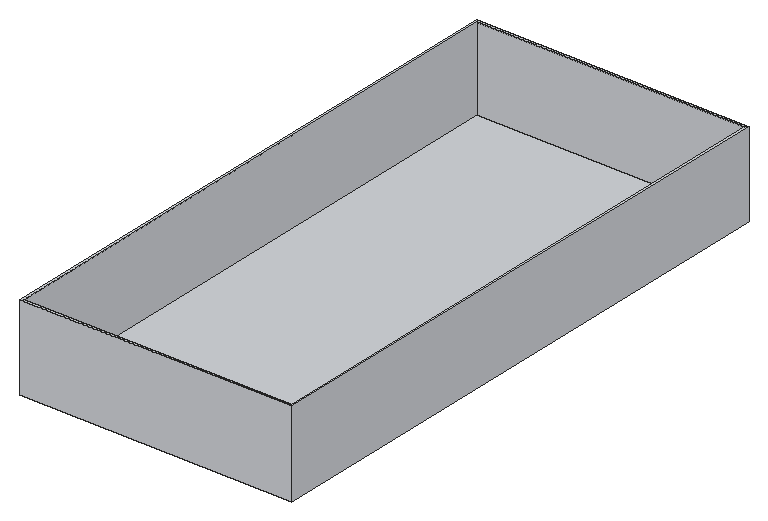
Revit family "Hager-VOLTA-Surface_mounted-IP30-Without_Cover-Without_DIN-Hosted-CH-fr", category Electrical Equipment, host Face, Revit 2023
Family settings
  Host = Face
  Panel Configuration = Two Columns, Circuits Across
  Round Connector Dimension = Use Diameter
  Part Type = Panelboard
  Cut with Voids When Loaded = No
  Maintain Annotation Orientation = Yes
  Shared = No
  Room Calculation Point = No
Parameters (values of type "VOLTA-Surface_mounted_W305_H640_D96_12_Modular_Spacing-VA48MD")
  Width Control [instance] = if([HG000006-Encastré], if([EF000846 - largeur d'encastrement] > min_whd, [EF000846 - largeur d'encastrement], min_whd), if([EF000008 - largeur] > min_whd, ([EF000008 - largeur]), min_whd))  # 305 mm
  Void Depth [instance] = if([HG000006-Encastré], Depth Control, 1 mm)  # 1 mm
  Uniformat code = "D501001"
  Uniformat = "Low Tension Service & Dist."
  HGEF0002950-largeur en nombre de modules = 12
  HGEF000266-Nombre de rangées = 4
  HG000131 - Functional label [instance] = ""
  HG000130 - Functional name [instance] = ""
  Type Comments = ""
  System Height [instance] = Height Control - 2 * [HG000005-Epaisseur]  # 636 mm
  Reference description = ""
  Reference = "VOLTA-Surface_mounted_W305_H640_D96_12_Modular_Spacing-VA48MD"
  Object type = ""
  Name hager = "ADD_Enclosures_EC000214"
  Name BIM&CO = "Electricity"
  Name = "VOLTA-Surface_mounted-IP30-Without_Cover-Without_DIN-CH"
  Model = ""
  HG000099-ID modèle Onfly = "507532"
  HG000060-RAL-number = "9010"
  HG000059-tension d'utilisation [instance] = 230 V
  HG000017-Distance entre pôles = 18 mm
  HG000016-Visibilité de la porte 3D = yes
  HG000015-Visibilité de l'emprise de la porte = yes
  HG000014-Porte à droite = yes
  HG000013-Porte à gauche = no
  HG000012-Angle de pivotement de la porte = 90.00°
  HG000011-Rangées du bas vides = no
  HG000010-Portes asymétriques = no
  HG000009-Porte à double battant = no
  HG000008-Nombre de rangées vides = 0
  HG000007-Nombre de colonnes vides = 0
  HG000006-Encastré = no
  HG000005-Epaisseur = 2 mm
  HG000004-Référence fabricant = "VA48MD"
  HG000003-Gamme = "VOLTA"
  HG000002-avec porte = no
  HG000001-nombre de colonnes = 0
  GTIN (Global Trade Item Number) = ""
  ETIM class name = "Small distribution board"
  ETIM class code = "EC000214"
  EF015941 - porte de transmission du signal = no
  EF015777 - borne à conducteur neutre = no
  EF015776 - borne de mise à la terre = no
  EF009212 - type de couvercle = "avec découpe"
  EF006306 - avec serrure = no
  EF006244 - couvercle/porte transparente = no
  EF005474 - indice de protection (IP) = "IP30"
  EF004464 - type de porte = ""
  EF004462 - type de fermeture = ""
  EF002950 - nombre d'unités modulaires = 12
  EF001596 - matériau du boîtier = ""
  EF001134 - rail DIN = no
  EF001131 - profondeur interne = 0 mm
  EF001088 - possibilité de montage adossé = yes
  EF001062 - version CEM = no
  EF000846 - largeur d'encastrement = 0 mm
  EF000339 - type de couverture = ""
  EF000332 - hauteur d'installation = 0 mm
  EF000266 - nombre de rangées = 4
  EF000218 - profondeur de montage = 0 mm
  EF000118 - avec plaque de montage = yes
  EF000116 - numéro RAL = 9010
  EF000049 - profondeur = 96 mm
  EF000040 - hauteur = 640 mm
  EF000024 - résiste aux UV = no
  EF000008 - largeur = 305 mm
  EF000007 - couleur = "blanc"
  EF000003 - mode de montage = "apparent"
  Creation Date = "12/15/2025 21:43:52"
  Code hager = "ADD-EC000214_EU"
  BIM&CO code = ""
  BC_VARIANT_ID = "1174158"
  BC_OBJECT_VERSION = "#9"  # constant formula
  BC_OBJECT_ID = "513473"  # constant formula
  BC_MODEL_ID = "1547148"  # constant formula
  Arrow Offset [instance] = Depth Control / 8  # 12 mm
  Arrow Height [instance] = Depth Control - Arrow Offset  # 84 mm
  Host Offset [instance] = if([HG000006-Encastré], 0 mm, [EF000049 - profondeur])  # 96 mm
  min_whd [instance] = (2 * [HG000005-Epaisseur]) + 1 mm  # 5 mm
  Manufacturer = "Hager"  # constant formula
  Height Control [instance] = if([HG000006-Encastré], if([EF000332 - hauteur d'installation] > min_whd, [EF000332 - hauteur d'installation], min_whd), if([EF000040 - hauteur] > min_whd, ([EF000040 - hauteur]), min_whd))  # 640 mm
  Flush Mounted - Door Frame Width [instance] = if(([EF000040 - hauteur] - [EF000332 - hauteur d'installation]) > 0 mm, if([HG000006-Encastré], [EF000040 - hauteur] - [EF000332 - hauteur d'installation], 0 mm), 0 mm)  # 0 mm
  Depth Control [instance] = if([HG000006-Encastré], if([EF000218 - profondeur de montage] > 0 mm, [EF000218 - profondeur de montage], 1 mm), if([EF000049 - profondeur] > 0 mm, ([EF000049 - profondeur]), 1 mm))  # 96 mm
  Default Elevation = 0 mm
Reference planes
  plane 1 "Center (Front/Back)": y = 0
  plane 2: z = 0
  plane 3 "Center (Left/Right)": x = 0
  plane 4: z = 96
  plane 5: y = 2
  plane 6: z = 91
  plane 7: y = 320
  plane 8: y = 0
  plane 9: y = 640
  plane 10: z = 0
  plane 11: x = -152.5
  plane 12: x = 152.5
  plane 13: x = 150.5
  plane 14: x = -150.5
  plane 15: y = 638
  plane 16: z = 2
  plane 17: z = 94
  plane 18: z = -1
  plane 19: z = 94
  plane 20 "Annotation H": y = -100
  plane 21 "Annotation V": x = 452.5
Forms (mm)
  Extrusion 1, solid
    sketch origin (-583.045, 0, 1219.2) x (-1, 0, 0) y (0, 0, 1)
      loop
        line (-430.545, -1123.2) -> (-735.545, -1123.2) -> (-735.545, -1219.2) -> (-430.545, -1219.2) -> (-430.545, -1123.2)
    from 0 to 640 <- "Height Control"
  Extrusion 2, void
    sketch origin (-381.607, -4572, 96) x (0, -1, 0) y (-1, 0, 0)
      loop
        line (-5210, -231.107) -> (-5210, -532.107) -> (-4574, -532.107) -> (-4574, -231.107) -> (-5210, -231.107)
    from 0 to 94
  Extrusion 3, void
    sketch origin (0, 0, 0) x (1, 0, 0) y (0, 1, 0)
      loop
        line (-152.5, 0) -> (152.5, 0) -> (152.5, 640) -> (-152.5, 640) -> (-152.5, 0)
    from -1 to 1
  Extrusion 4, solid, detail levels coarse+medium
    sketch origin (-381.607, -4572, 96) x (-1, 0, 0) y (0, -1, 0)
      loop
        line (-231.107, -5210) -> (-231.107, -4574) -> (-532.107, -4574) -> (-532.107, -5210) -> (-231.107, -5210)
    from 0 to -2
Cuts and joins
  Extrusion 2 cuts Extrusion 1
Dimensions and locks
  plane 4 to plane 6 = 5 mm
  "Host Offset": plane 4 to host face
  "Flush Mounted - Door Frame Width": plane 1 "Center (Front/Back)" to plane 8
  "HG000005-Epaisseur": plane 5 to plane 8
  locked: connector elem to plane 3 "Center (Left/Right)"
  "Height Control": plane 9 to plane 8
  equal spacing: plane 9, plane 7, plane 8
  locked: connector elem to plane 7
  "Depth Control": plane 4 to plane 10
  "HG000005-Epaisseur": plane 11 to plane 14
  "HG000005-Epaisseur": plane 12 to plane 13
  equal spacing: plane 11, plane 3 "Center (Left/Right)", plane 12
  "Width Control": plane 11 to plane 12
  "Arrow Offset": nested 4 to plane 10
  "HG000005-Epaisseur": plane 9 to plane 15
  "HG000005-Epaisseur": plane 16 to plane 10
  "HG000005-Epaisseur": plane 4 to plane 17
  "Void Depth": plane 2 to plane 18
  "HG000005-Epaisseur": plane 4 to plane 19
  locked: plane 20 "Annotation H" to plane 1 "Center (Front/Back)" at 100
  locked: plane 12 to plane 21 "Annotation V" at 300
  aligned and locked: plane 2 to host face
  aligned and locked: level to host face
  aligned and locked: plane 3 "Center (Left/Right)" to nested 2
  aligned and locked: plane 4 to nested 2
  aligned and locked: nested 2 to plane 8
  aligned and locked: nested 1 to plane 6
  aligned and locked: plane 5 to nested 1
  aligned and locked: nested 4 to plane 11
  aligned and locked: nested 3 to plane 4
  aligned and locked: Extrusion 1 sketch curve to plane 12
  aligned and locked: Extrusion 1 sketch curve to plane 11
  aligned and locked: nested 3 to plane 10
  aligned and locked: plane 10 to Extrusion 1 sketch curve
  aligned and locked: plane 5 to Extrusion 2 sketch curve
  aligned and locked: Extrusion 2 sketch curve to plane 15
  aligned and locked: Extrusion 2 sketch curve to plane 14
  aligned and locked: Extrusion 2 sketch curve to plane 13
  aligned and locked: plane 11 to Extrusion 3 sketch curve
  aligned and locked: plane 9 to Extrusion 3 sketch curve
  aligned and locked: Extrusion 3 sketch curve to plane 8
  aligned and locked: plane 12 to Extrusion 3 sketch curve
  aligned and locked: nested 3 to plane 12
  aligned and locked: Extrusion 3 to plane 18
  aligned and locked: Extrusion 2 to plane 16
  aligned and locked: Extrusion 1 sketch curve to plane 4
  aligned and locked: Extrusion 4 to plane 17
  aligned and locked: Extrusion 4 sketch curve to plane 15
  aligned and locked: Extrusion 4 sketch curve to plane 13
  aligned and locked: Extrusion 4 sketch curve to plane 14
  aligned and locked: plane 5 to Extrusion 4 sketch curve
  aligned and locked: nested 5 to plane 21 "Annotation V"
  aligned and locked: plane 20 "Annotation H" to nested 5
Automatic sketch dimensions
  host sketch curve to host sketch curve = 1469.727 mm
  host sketch curve to host sketch curve = 1434.803 mm
Nested families
  nested 1: "Hager_Enclosure_System" at (0, 2, 91) x (1, 0, 0) z (0, 1, 0), Height <- "System Height", Width_Control <- "Width Control", Built-in_Width <- "EF000846 - largeur d'encastrement", Width <- "EF000008 - largeur", Depth <- "HG000005-Epaisseur", Border <- "HG000005-Epaisseur", Distance_Between_Poles <- "HG000017-Distance entre pôles", Flush_Mounted <- "HG000006-Encastré", Empty_Columns <- "HG000007-Nombre de colonnes vides", Total_No_Empty_Rows <- "HG000008-Nombre de rangées vides", Empty_Rows_From_Bottom <- "HG000011-Rangées du bas vides", Columns_Count <- "HG000001-nombre de colonnes", Rows_Count <- "HGEF000266-Nombre de rangées", Row_Module_Multiplicator <- "HGEF0002950-largeur en nombre de modules", type "Hager_Enclosure_System", detail levels fine
    with Width_Control 305 mm, Width 305 mm, Total_No_Rows 4, Total_No_Empty_Rows 0, Total_No_Columns 1, System_Width 301 mm, Rows_Count 4, Rows_Column 4, Row_Module_Multiplicator 12, Panel_4 no, Panel_3 no, Panel_2 no, Panel_1 no, No_Panels_Ctrl 1, Hide_Columns yes, Height 636 mm, Flush_Mounted no, Empty_Rows_From_Bottom no, Empty_Rows_Column 0, Empty_Columns 0, Empty column 4 0, Empty column 3 0, Empty column 2 0, Empty column 1 0, Distance_Between_Poles 18 mm, Depth 2 mm, Columns_Count 0, Column_Width 301 mm, Built-in_Width 0 mm, Border 2 mm
  nested 2: "Hager_Enclosure_Door" at (0, 0, 96) x (1, 0, 0) z (0, 1, 0), Height_Ctrl <- "Height Control", Width_Ctrl <- "Width Control", BuiltIn_Depth <- "EF000218 - profondeur de montage", Depth <- "EF000049 - profondeur", BuiltIn_Width <- "EF000846 - largeur d'encastrement", Height <- "EF000040 - hauteur", BuiltIn_Height <- "EF000332 - hauteur d'installation", Width <- "EF000008 - largeur", Transparent <- "EF006244 - couvercle/porte transparente", Border <- "HG000005-Epaisseur", Door <- "HG000002-avec porte", Flush_Mounted <- "HG000006-Encastré", Double <- "HG000009-Porte à double battant", Assymetrical <- "HG000010-Portes asymétriques", Angle <- "HG000012-Angle de pivotement de la porte", Door_Left <- "HG000013-Porte à gauche", Door_Right <- "HG000014-Porte à droite", Clearance <- "HG000015-Visibilité de l'emprise de la porte", 3d_Door <- "HG000016-Visibilité de la porte 3D", type "Hager_Enclosure_Door", detail levels medium+fine
    with min_wh 5 mm, Width_Ctrl 305 mm, Width 305 mm, Transparent_Door_No_Bottom_Border no, Transparent no, Leaf_Width 298 mm, Leaf_Tolerance 1.5 mm, Leaf_Height 633 mm, Leaf_2_Width 298 mm, Leaf_2_Offset 149 mm, Leaf_1_Width 298 mm, Leaf_1_Offset 149 mm, Height_Ctrl 640 mm, Height 640 mm, Frame_Width_Ctrl 305 mm, Frame_Width 305 mm, Frame_Internal_Offset 0 mm, Frame_Height_Ctrl 640 mm, Frame_Height 640 mm, Frame_Depth_Ctrl 1 mm, Frame_Depth 0 mm, Flush_Mounted no, Double_Clearance_Ctrl no, Double no, Door_Right_Ctrl no, Door_Right yes, Door_Left_Ctrl no, Door_Left no, Door no, Depth 96 mm, Clearance_Depth 298 mm, Clearance_Ctrl yes, Clearance yes, BuiltIn_Width 0 mm, BuiltIn_Height 0 mm, BuiltIn_Depth 0 mm, Border 2 mm, Assymetrical no, Angle 90.00°, 3d_Door yes
  nested 3: "Hager_Enclosure_Symbol_Triangle" at (-152.5, 0, 0) x (1, 0, 0) z (0, -1, 0), Depth <- "Depth Control", Width <- "Width Control", type "Hager_Enclosure_Symbol_Triangle"
    with Width_Ctrl 305 mm, Width 305 mm, Depth_Ctrl 96 mm, Depth 96 mm
  nested 4: "Hager_Enclosure_Symbol_Arrow" at (-152.5, 0, 12) x (1, 0, 0) z (0, -1, 0), Height <- "Arrow Height", type "Hager_Enclosure_Symbol_Arrow"
    with Width_Inside 6.3 mm, Width 75.6 mm, Height_Ctrl 84 mm, Height 84 mm
  nested 5: "Hager_Annotation-HG000130" at (452.5, -100, 0) x (-1, 0, 0) z (0, 0, 1), HG000130 - Functional name <- "HG000130 - Functional name", type "Hager_Annotation-HG000130"
    with HG000130 - Functional name ""
Connectors
  electrical at (0, 320, 0)
    settings: on plane 10, index 1, voltage 0 V, apparent load 0 VA, apparent load phase1 0 VA, apparent load phase2 0 VA, apparent load phase3 0 VA, power factor 1, load classification "Other", number of poles 1, system type 30, power factor state 1, is connector primary yes, connector utility no, sub classification motor no, connector description ""
Definition of nested family "Hager_Enclosure_Door"
  Parameters (values of type "Hager_Enclosure_Door")
    min_wh [instance] = (2 * Border) + 1 mm  # 11 mm
    Width_Ctrl [instance] = 400 mm
    Width [instance] = 500 mm
    Transparent_Door_No_Bottom_Border [instance] = no
    Transparent [instance] = yes
    Leaf_Width [instance] = if((Width_Ctrl - 2 * Border - 2 * Leaf_Tolerance) > 0 mm, (Width_Ctrl - 2 * Border - 2 * Leaf_Tolerance), min_wh)  # 387 mm
    Leaf_Tolerance [instance] = 1.5 mm  # constant formula
    Leaf_Height [instance] = if((Height_Ctrl - 2 * Border - 2 * Leaf_Tolerance) > 0 mm, (Height_Ctrl - 2 * Border - 2 * Leaf_Tolerance), min_wh)  # 387 mm
    Leaf_2_Width [instance] = if(and(and(Double, Assymetrical), Door_Left), (Leaf_Width / 3) - (Leaf_Tolerance / 2), if(and(and(Double, Assymetrical), Door_Right), (Leaf_Width / 3) * 2 - (Leaf_Tolerance / 2), if(and(Double, not(Assymetrical)), (Leaf_Width / 2) - Leaf_Tolerance, Leaf_Width)))  # 387 mm
    Leaf_2_Offset [instance] = if(and(Double, Assymetrical), Leaf_2_Width / 2, if(and(Double, not(Assymetrical)), Leaf_Width / 4, Leaf_Width / 2))  # 193.5 mm
    Leaf_1_Width [instance] = if(and(and(Double, Assymetrical), Door_Right), (Leaf_Width / 3) - (Leaf_Tolerance / 2), if(and(and(Double, Assymetrical), Door_Left), (Width / 3) * 2 - (Leaf_Tolerance / 2), if(and(Double, not(Assymetrical)), (Leaf_Width / 2) - Leaf_Tolerance, Leaf_Width)))  # 387 mm
    Leaf_1_Offset [instance] = if(and(Double, Assymetrical), Leaf_1_Width / 2, if(and(Double, not(Assymetrical)), Leaf_Width / 4, Leaf_Width / 2))  # 193.5 mm
    Height_Ctrl [instance] = 400 mm
    Height [instance] = 500 mm
    Frame_Width_Ctrl [instance] = if(Frame_Width > 0 mm, Frame_Width, 1 mm)  # 1 mm
    Frame_Width [instance] = Width - BuiltIn_Width  # 0 mm
    Frame_Internal_Offset [instance] = if(Flush_Mounted, Border, 0 mm)  # 5 mm
    Frame_Height_Ctrl [instance] = if(Frame_Height > 0 mm, Frame_Height, 1 mm)  # 1 mm
    Frame_Height [instance] = Height - BuiltIn_Height  # 0 mm
    Frame_Depth_Ctrl [instance] = if(Frame_Depth > 0 mm, Frame_Depth, 1 mm)  # 1 mm
    Frame_Depth [instance] = if(Depth - BuiltIn_Depth > 0 mm, if(Flush_Mounted, Depth - BuiltIn_Depth, 0 mm), 0 mm)  # 0 mm
    Flush_Mounted [instance] = yes
    Double_Clearance_Ctrl [instance] = and(Double, Clearance)  # no
    Double [instance] = no
    Door_Right_Ctrl [instance] = and(or(Door_Right, Double), Door)  # yes
    Door_Right [instance] = yes
    Door_Left_Ctrl [instance] = and(or(Door_Left, Double), Door)  # no
    Door_Left [instance] = no
    Door [instance] = yes
    Depth [instance] = 500 mm
    Default Elevation = 1219.2 mm
    Clearance_Material = none
    Clearance_Depth [instance] = if(Leaf_1_Width > Leaf_2_Width, Leaf_1_Width, Leaf_2_Width)  # 387 mm
    Clearance_Ctrl [instance] = and(not(Double), Clearance)  # yes
    Clearance [instance] = yes
    BuiltIn_Width [instance] = 500 mm
    BuiltIn_Height [instance] = 500 mm
    BuiltIn_Depth [instance] = 500 mm
    Border [instance] = 5 mm
    Assymetrical [instance] = yes
    Angle [instance] = 30.00°
    3d_Door [instance] = yes
  Reference planes
    plane 1 "Center (Front/Back)": y = 0
    plane 2 "Bottom": z = 0
    plane 3 "Center (Left/Right)": x = 0
    plane 4: z = 400
    plane 5: x = -200
    plane 6: x = 200
    plane 7: z = 395
    plane 8: x = -195
    plane 9: z = 5
    plane 10: x = 195
    plane 11: y = 0
    plane 12: z = 6.5
    plane 13: x = -582
    plane 14: y = -387
    plane 15: x = 582
    plane 16: x = 0
    plane 17: x = 0
    plane 18: x = -193.5
    plane 19: x = 193.5
    plane 20: z = 393.5
  Forms (mm)
    Extrusion 1, solid, visible <- "Flush_Mounted"
      sketch origin (0, 0, 0) x (1, 0, 0) y (0, 0, 1)
        loop
          line (195, 5) -> (195, 395) -> (-195, 395) -> (-195, 5) -> (195, 5)
        loop
          line (-201, 401) -> (-201, -1) -> (201, -1) -> (201, 401) -> (-201, 401)
      from 0 to 1 <- "Frame_Depth_Ctrl"
    Extrusion 2, solid, material <- "Clearance_Material", visible <- "Double_Clearance_Ctrl"
      sketch origin (1200, 0, 0) x (1, 0, 0) y (0, 0, -1)
        loop
          line (-1782, -393.5) -> (-618, -393.5) -> (-618, 0) -> (-1782, 0) -> (-1782, -393.5)
      from 0 to -387
  Dimensions and locks
    equal spacing: plane 5, plane 3 "Center (Left/Right)", plane 6
    "Width_Ctrl": plane 5 to plane 6
    "Border": plane 5 to plane 8
    "Border": plane 6 to plane 10
    "Border": plane 9 to level
    "Border": plane 4 to plane 7
    "Height_Ctrl": plane 4 to level
    "Leaf_Tolerance": plane 12 to plane 9
    "Frame_Depth": plane 11 to plane 1 "Center (Front/Back)"
    "Frame_Width_Ctrl": plane 5 to Extrusion 1 sketch curve
    "Frame_Width_Ctrl": plane 6 to Extrusion 1 sketch curve
    "Frame_Width_Ctrl": Extrusion 1 sketch curve to plane 4
    "Frame_Width_Ctrl": plane 2 "Bottom" to Extrusion 1 sketch curve
    "Leaf_1_Offset": plane 18 to plane 16
    "Leaf_2_Offset": plane 17 to plane 19
    "Leaf_1_Width": plane 13 to plane 8
    "Leaf_2_Width": plane 10 to plane 15
    "Clearance_Depth": plane 14 to plane 1 "Center (Front/Back)"
    "Leaf_Tolerance": plane 8 to plane 18
    "Leaf_Tolerance": plane 19 to plane 10
    "Leaf_Tolerance": plane 7 to plane 20
    "Frame_Internal_Offset": plane 5 to Extrusion 1 sketch curve
    "Frame_Internal_Offset": Extrusion 1 sketch curve to plane 2 "Bottom"
    "Frame_Internal_Offset": plane 6 to Extrusion 1 sketch curve
    "Frame_Internal_Offset": plane 4 to Extrusion 1 sketch curve
    aligned and locked: level to plane 2 "Bottom"
    aligned and locked: nested 1 to plane 16
    aligned and locked: nested 2 to plane 17
    aligned and locked: Extrusion 2 to plane 13
    aligned and locked: plane 15 to Extrusion 2
    aligned and locked: Extrusion 2 to plane 14
    aligned and locked: plane 12 to nested 1
    aligned and locked: nested 2 to plane 12
    aligned and locked: Extrusion 2 to plane 11
    aligned and locked: plane 20 to Extrusion 2
    aligned and locked: nested 2 to plane 11
    aligned and locked: nested 1 to plane 11
  Automatic sketch dimensions
    Extrusion 2 sketch curve to level = 0 mm
    plane 5 to Extrusion 2 sketch curve = 382 mm
    plane 6 to Extrusion 2 sketch curve = 382 mm
    Extrusion 2 sketch curve to plane 4 = 6.5 mm
  Nested families
    nested 1: "Hager_Enclosure_Door_Leaf" at (0, 0, 6.5), Width <- "Leaf_1_Width", visible <- "Door_Left_Ctrl", Leaf_Height <- "Leaf_Height", Angle <- "Angle", Depth <- "Border", 3d_Door <- "3d_Door", Transparent <- "Transparent", Clearance Material <- "Clearance_Material", Clearance <- "Clearance_Ctrl", Transparent_Door_No_Bottom_Border <- "Transparent_Door_No_Bottom_Border", type "Hager_Enclosure_Door_Leaf"
      with Width 387 mm, Transparent_Door_No_Bottom_Border no, Transparent_Door_Border_Bottom_Top 25 mm, Transparent_Door_Border 25 mm, Transparent_Ctrl yes, Transparent yes, Standard no, Leaf_Height 387 mm, Glass_Offset 1 mm, Depth 5 mm, Clearance Material none, Clearance yes, Angle_Ctrl 30.00°, Angle 30.00°, 3d_Door yes
    nested 2: "Hager_Enclosure_Door_Leaf" at (0, 0, 6.5) x (-1, 0, 0) z (0, 0, 1), Width <- "Leaf_2_Width", visible <- "Door_Right_Ctrl", Leaf_Height <- "Leaf_Height", Angle <- "Angle", Depth <- "Border", 3d_Door <- "3d_Door", Transparent <- "Transparent", Clearance Material <- "Clearance_Material", Clearance <- "Clearance_Ctrl", Transparent_Door_No_Bottom_Border <- "Transparent_Door_No_Bottom_Border", type "Hager_Enclosure_Door_Leaf"
      with Width 387 mm, Transparent_Door_No_Bottom_Border no, Transparent_Door_Border_Bottom_Top 25 mm, Transparent_Door_Border 25 mm, Transparent_Ctrl yes, Transparent yes, Standard no, Leaf_Height 387 mm, Glass_Offset 1 mm, Depth 5 mm, Clearance Material none, Clearance yes, Angle_Ctrl 30.00°, Angle 30.00°, 3d_Door yes
  Definition of nested family "Hager_Enclosure_Door_Leaf"
    Parameters (values of type "Hager_Enclosure_Door_Leaf")
      Width [instance] = 2000 mm
      Transparent_Door_No_Bottom_Border [instance] = yes
      Transparent_Door_Border_Bottom_Top [instance] = if(Transparent_Door_No_Bottom_Border, 0.1 mm, Transparent_Door_Border)  # 0.1 mm
      Transparent_Door_Border [instance] = if(Transparent_Door_No_Bottom_Border, (Width * 0.12), 25 mm)  # 240 mm
      Transparent_Ctrl [instance] = and(Transparent, [3d_Door])  # yes
      Transparent [instance] = yes
      Standard [instance] = and(not(Transparent), [3d_Door])  # no
      Leaf_Height [instance] = 2720.336 mm
      Glass_Offset [instance] = if((Depth - 10 mm) / 2 > 0 mm, (Depth - 10 mm) / 2, 1 mm)  # 15 mm
      Glass_Material = none
      Depth [instance] = 40 mm
      Default Elevation = 0 mm
      Clearance Material [instance] = none
      Clearance [instance] = yes
      Angle_Ctrl [instance] = if(Angle > 170.00°, 170.00°, Angle)  # 45.00°
      Angle [instance] = 45.00°
      3d_Door [instance] = yes
    Reference planes
      plane 1 "Center (Front/Back)": y = 0
      plane 2: z = 0
      plane 3 "Center (Left/Right)": x = 0
      plane 4: y = 2000
      plane 5: x = -1000
      plane 6: x = 1000
      plane 7: x = -3000
      plane 8: z = 2720.336
      plane 9: z = 0.1
      plane 10: z = 2720.236
      plane 11: x = 760
      plane 12: x = -760
    Forms (mm)
      Extrusion 1, solid, material <- "Clearance Material", visible <- "Clearance"
        sketch origin (0, 0, 0) x (1, 0, 0) y (0, 0, 1)
          loop
            line (-3000, 2720.336) -> (-3000, 0) -> (1000, 0) -> (1000, 2720.336) -> (-3000, 2720.336)
        from 0 to -2000
      Extrusion 2, solid, visible <- "Standard", detail levels medium+fine
        sketch origin (-1000, 0, 0) x (0.707107, 0.707107, 0) y (-0.707107, 0.707107, 0)
          loop
            line (0, -40) -> (2000, -40) -> (2000, 0) -> (0, 0) -> (0, -40)
        from 0 to 2720.336 <- "Leaf_Height"
      Extrusion 3, solid, visible <- "Transparent_Ctrl", detail levels medium+fine
        sketch origin (-1000, 0, 0) x (0.707107, 0.707107, 0) y (-0.707107, 0.707107, 0)
          loop
            line (0, -40) -> (2000, -40) -> (2000, 0) -> (0, 0) -> (0, -40)
        from 0 to 2720.336 <- "Leaf_Height"
      Extrusion 4, void, detail levels medium+fine
        sketch origin (-1000, 0, 0) x (-0.707107, 0.707107, 0) y (0.707107, 0.707107, 0)
          loop
            line (0, 240) -> (0, 1760) -> (-40, 1760) -> (-40, 240) -> (0, 240)
        from -2720.236 to -0.1
      Extrusion 5, solid, material <- "Glass_Material", visible <- "Transparent_Ctrl", detail levels medium+fine
        sketch origin (-1000, 0, 0) x (0.707107, 0.707107, 0) y (-0.707107, 0.707107, 0)
          loop
            line (240, -15) -> (240, -25) -> (1760, -25) -> (1760, -15) -> (240, -15)
        from 0.1 to 2720.236
    Cuts and joins
      Extrusion 4 cuts Extrusion 3
    Lines and regions (mm)
      symbolic lines
        curve 1: line (1000, 0, 0) -> (-3000, 0, 0)
        curve 2: arc (1000, 0, 0) -> (-1000, 2000, 0) -> (-3000, 0, 0) r 2000
        curve 4: line (-1000, 0, 0) -> (414.214, 1414.214, 0)
      reference lines
        curve 3: line (-1000, 0, 0) -> (414.214, 1414.214, 0)
      symbolic lines, detail levels medium+fine
        curve 5: line (414.214, 1414.214, 0) -> (442.498, 1385.929, 0)
        curve 6: line (442.498, 1385.929, 0) -> (-971.716, -28.284, 0)
        curve 7: line (-971.716, -28.284, 0) -> (-1000, 0, 0)
        curve 8: line (-1000, 0, 2720.336) -> (1000, 0, 2720.336)
        curve 9: line (-1000, 0, 0) -> (-1000, 0, 2720.336)
        curve 10: line (1000, 0, 0) -> (-1000, 0, 0)
        curve 11: line (1000, 0, 2720.336) -> (1000, 0, 0)
      symbolic lines, visible <- "Transparent_Ctrl", detail levels medium+fine
        curve 12: line (-760, 0, 2720.236) -> (760, 0, 2720.236)
        curve 13: line (-760, 0, 0.1) -> (-760, 0, 2720.236)
        curve 14: line (760, 0, 0.1) -> (-760, 0, 0.1)
        curve 15: line (760, 0, 2720.236) -> (760, 0, 0.1)
    Dimensions and locks
      "Width": plane 1 "Center (Front/Back)" to plane 4
      equal spacing: plane 5, plane 3 "Center (Left/Right)", plane 6
      "Width": plane 5 to plane 6
      "Width": plane 7 to plane 5
      "Leaf_Height": plane 8 to level
      "Depth": curve 6 to curve 3
      "Width": curve 5 to curve 3
      "Width": curve 3 to curve 3
      "Transparent_Door_Border": Extrusion 4 sketch curve to curve 7
      "Transparent_Door_Border": Extrusion 4 sketch curve to curve 5
      "Transparent_Door_Border_Bottom_Top": plane 8 to plane 10
      "Transparent_Door_Border_Bottom_Top": plane 9 to level
      "Glass_Offset": Extrusion 5 sketch curve to curve 4
      "Glass_Offset": Extrusion 5 sketch curve to curve 6
      "Transparent_Door_Border": Extrusion 5 sketch curve to curve 5
      "Transparent_Door_Border": Extrusion 5 sketch curve to curve 7
      "Transparent_Door_Border": plane 12 to plane 5
      "Transparent_Door_Border": plane 6 to plane 11
      "Angle_Ctrl": angle plane 1 "Center (Front/Back)" to curve 3
      aligned and locked: level to plane 2
      aligned and locked: Extrusion 1 to curve 1
      aligned and locked: plane 6 to Extrusion 1
      aligned and locked: Extrusion 1 to plane 1 "Center (Front/Back)"
      aligned and locked: plane 4 to Extrusion 1
      aligned and locked: plane 8 to Extrusion 1
      aligned and locked: curve 4 to curve 3
      aligned and locked: Extrusion 2 sketch curve to curve 7
      aligned and locked: Extrusion 2 sketch curve to curve 6
      aligned and locked: Extrusion 2 sketch curve to curve 5
      aligned and locked: Extrusion 2 sketch curve to curve 3
      aligned and locked: curve 7 to Extrusion 3 sketch curve
      aligned and locked: Extrusion 3 sketch curve to curve 4
      aligned and locked: Extrusion 3 sketch curve to curve 6
      aligned and locked: Extrusion 3 sketch curve to curve 5
      aligned and locked: curve 4 to Extrusion 4 sketch curve
      aligned and locked: curve 6 to Extrusion 4 sketch curve
      aligned and locked: Extrusion 4 to plane 9
      aligned and locked: Extrusion 4 to plane 10
      aligned and locked: Extrusion 5 to plane 9
      aligned and locked: Extrusion 5 to plane 10
      aligned and locked: curve 8 to plane 8
      aligned and locked: plane 5 to curve 9
      aligned and locked: plane 2 to curve 10
      aligned and locked: curve 11 to plane 6
      aligned and locked: plane 10 to curve 12
      aligned and locked: plane 12 to curve 13
      aligned and locked: curve 14 to plane 9
      aligned and locked: plane 11 to curve 15
    Automatic sketch dimensions
      plane 1 "Center (Front/Back)" to curve 2 = 0 mm
      curve 2 to plane 5 = 0 mm
      Extrusion 1 sketch curve to level = 0 mm
      Extrusion 1 sketch curve to plane 7 = 0 mm
      Extrusion 1 sketch curve to plane 6 = 0 mm
      Extrusion 1 sketch curve to plane 8 = 0 mm
      plane 1 "Center (Front/Back)" to curve 3 = 0 mm
      curve 3 to plane 5 = 0 mm
      curve 7 to curve 3 = 0 mm
Definition of nested family "Hager_Enclosure_Symbol_Triangle"
  Parameters (values of type "Hager_Enclosure_Symbol_Triangle")
    Width_Ctrl [instance] = if(Width > 1 mm, Width, 1 mm)  # 498 mm
    Width [instance] = 498 mm
    Depth_Ctrl [instance] = if(Depth > 1 mm, Depth, 1 mm)  # 72 mm
    Depth [instance] = 72 mm
  Reference planes
    plane 1 "Centre (avant/arrière)": y = 0
    plane 2: z = 0
    plane 3 "Centre (gauche/droite)": x = 0
  Lines and regions (mm)
    Filled region 1, type "Solid_Black", in view "Niveau de réf."
      outline origin (0, 0, 0) x (1, 0, 0) y (0, 1, 0)
        loop
          line (0, 0) -> (498, 0) -> (498, 72) -> (0, 0)
    reference lines, in view "Niveau de réf."
      curve 1: line (-206.153, 72, 0) -> (1083.258, 72, 0)
      curve 2: line (498, 405.456, 0) -> (498, -517.619, 0)
  Dimensions and locks
    "Depth_Ctrl": plane 1 "Centre (avant/arrière)" to curve 1
    "Width_Ctrl": plane 3 "Centre (gauche/droite)" to curve 2
    aligned and locked: curve 1 to Filled region 1 sketch curve
    aligned and locked: Filled region 1 sketch curve to plane 1 "Centre (avant/arrière)"
    aligned and locked: curve 2 to Filled region 1 sketch curve
    aligned and locked: plane 3 "Centre (gauche/droite)" to Filled region 1 sketch curve
    aligned and locked: plane 1 "Centre (avant/arrière)" to Filled region 1 sketch curve
  Automatic sketch dimensions
    curve 1 to plane 3 "Centre (gauche/droite)" = 206.153 mm
    curve 2 to curve 1 = 585.258 mm
    plane 1 "Centre (avant/arrière)" to curve 2 = 517.619 mm
    curve 2 to plane 1 "Centre (avant/arrière)" = 405.456 mm
Definition of nested family "Hager_Enclosure_Symbol_Arrow"
  Parameters (values of type "Hager_Enclosure_Symbol_Arrow")
    Width_Inside [instance] = if(Width / 12 > 2 mm, Width / 12, 2 mm)  # 4.987 mm
    Width [instance] = if(Height_Ctrl * 0.9 > 2 mm, Height_Ctrl * 0.9, 2 mm)  # 59.85 mm
    Height_Ctrl [instance] = if(Height > 2 mm, Height, 2 mm)  # 66.5 mm
    Height [instance] = 66.5 mm
  Reference planes
    plane 1 "Centre (avant/arrière)": y = 0
    plane 2: z = 0
    plane 3 "Centre (gauche/droite)": x = 0
    plane 4: x = 59.85
    plane 5: y = 28.263
    plane 6: y = 38.238
    plane 7: y = 66.5
    plane 8: x = 29.925
    plane 9: y = 33.25
  Lines and regions (mm)
    Filled region 1, type "Solid_Black", in view "Niveau de réf."
      outline origin (0, 0, 0) x (1, 0, 0) y (0, 1, 0)
        loop
          line (59.85, 66.5) -> (37.929, 52.827) -> (51.846, 41.935) -> (59.85, 66.5)
    detail lines, in view "Niveau de réf."
      curve 1: line (0, 0, 0) -> (29.925, 38.238, 0)
      curve 2: line (29.925, 38.238, 0) -> (29.925, 28.263, 0)
      curve 3: line (29.925, 28.263, 0) -> (59.85, 66.5, 0)
  Dimensions and locks
    "Width": plane 3 "Centre (gauche/droite)" to plane 4
    "Height_Ctrl": plane 7 to plane 1 "Centre (avant/arrière)"
    equal spacing: plane 3 "Centre (gauche/droite)", plane 8, plane 4
    equal spacing: plane 7, plane 9, plane 1 "Centre (avant/arrière)"
    equal spacing: plane 6, plane 9, plane 5
    "Width_Inside": plane 6 to plane 9
    equal spacing: curve 3, Filled region 1 sketch curve, Filled region 1 sketch curve
    angle Filled region 1 sketch curve to curve 3 = 20.00°
    angle curve 3 to Filled region 1 sketch curve = 20.00°
    locked: curve 3 to Filled region 1 sketch curve (angle 90.00°)
  Automatic sketch dimensions
    plane 1 "Centre (avant/arrière)" to curve 1 = 0 mm
    curve 1 to plane 3 "Centre (gauche/droite)" = 0 mm
    curve 2 to plane 6 = 0 mm
    curve 3 to plane 8 = 0 mm
    curve 3 to plane 4 = 0 mm
    curve 2 to plane 5 = 0 mm
    curve 3 to plane 7 = 0 mm
    Filled region 1 sketch curve to plane 4 = 0 mm
    Filled region 1 sketch curve to plane 7 = 0 mm
Definition of nested family "Hager_Annotation-HG000130"
  Parameters (values of type "Hager_Annotation-HG000130")
    HG000130 - Functional name [instance] = ""
  Reference planes
    plane 1: y = 0
    plane 2: x = 0
  Lines and regions (mm)
    detail lines
      curve 1: line (-27.5, 10, 0) -> (27.5, 10, 0)
      curve 2: line (-27.5, -10, 0) -> (-27.5, 10, 0)
      curve 3: line (27.5, -10, 0) -> (-27.5, -10, 0)
      curve 4: line (27.5, 10, 0) -> (27.5, -10, 0)
  Text (mm)
    label "HG000130 - Functional name" at (0.16, 0.026, 0), shows "HG000130 - Functional name"
